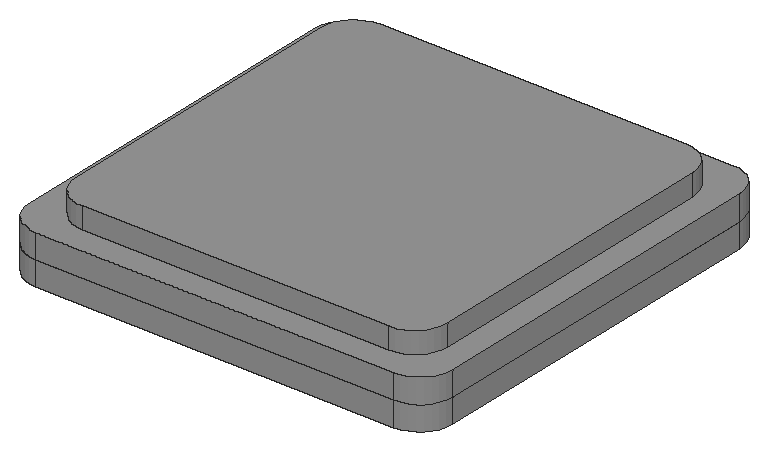
Revit family "FMS2_63_UN_Surface-mounted_ETK", category Lighting Fixtures, Revit 2019 (continued)
Definition of nested family "FMS.2 - Lightsource"
  Types (14, lengths in mm): name | Wattage Comments | Wattage | built-in parameter 1150134 | Photometric Web File | built-in parameter 1150142 | built-in parameter 1150105 | Lumens | built-in parameter 1150107 | built-in parameter 1150106 | Apparent Load
    FMS.1410.10N - Ø400 / 38W / 2800lm / 4000K | "38W" | 18.8499 W | 12 | "FMS.1410.10N.IES" | "IESNA:LM-63-2002\r\n[TEST] /2015\r\n[TESTLAB] ies2eulumdat.appspot.com\r\n[ISSUEDATE] 2021-10-05T13:47:58.925\r\n[MANUFAC] www.etk.nl\r\n[LUMCAT] FMS.1410.10N\r\n[LUMINAIRE] FMS.1 LED 38W 4000K 2800lm nood ø400 Ledesh Slice circle IV emergency\r\n[LAMPCAT] LED\r\n[LAMP] LED\r\nTILT=NONE\r\n1\t2862\t1\t181\t72\t1\t2\t-0.400\t-0.400\t0\r\n1.0\t1.0\t15.60\r\n0\t 0.5\t 1\t 1.5\t 2\t 2.5\t 3\t 3.5\t 4\t 4.5\r\n5\t 5.5\t 6\t 6.5\t 7\t 7.5\t 8\t 8.5\t 9\t 9.5\r\n10\t 10.5\t 11\t 11.5\t 12\t 12.5\t 13\t 13.5\t 14\t 14.5\r\n15\t 15.5\t 16\t 16.5\t 17\t 17.5\t 18\t 18.5\t 19\t 19.5\r\n20\t 20.5\t 21\t 21.5\t 22\t 22.5\t 23\t 23.5\t 24\t 24.5\r\n25\t 25.5\t 26\t 26.5\t 27\t 27.5\t 28\t 28.5\t 29\t 29.5\r\n30\t 30.5\t 31\t 31.5\t 32\t 32.5\t 33\t 33.5\t 34\t 34.5\r\n35\t 35.5\t 36\t 36.5\t 37\t 37.5\t 38\t 38.5\t 39\t 39.5\r\n40\t 40.5\t 41\t 41.5\t 42\t 42.5\t 43\t 43.5\t 44\t 44.5\r\n45\t 45.5\t 46\t 46.5\t 47\t 47.5\t 48\t 48.5\t 49\t 49.5\r\n50\t 50.5\t 51\t 51.5\t 52\t 52.5\t 53\t 53.5\t 54\t 54.5\r\n55\t 55.5\t 56\t 56.5\t 57\t 57.5\t 58\t 58.5\t 59\t 59.5\r\n60\t 60.5\t 61\t 61.5\t 62\t 62.5\t 63\t 63.5\t 64\t 64.5\r\n65\t 65.5\t 66\t 66.5\t 67\t 67.5\t 68\t 68.5\t 69\t 69.5\r\n70\t 70.5\t 71\t 71.5\t 72\t 72.5\t 73\t 73.5\t 74\t 74.5\r\n75\t 75.5\t 76\t 76.5\t 77\t 77.5\t 78\t 78.5\t 79\t 79.5\r\n80\t 80.5\t 81\t 81.5\t 82\t 82.5\t 83\t 83.5\t 84\t 84.5\r\n85\t 85.5\t 86\t 86.5\t 87\t 87.5\t 88\t 88.5\t 89\t 89.5\r\n90\r\n0\t 5\t 10\t 15\t 20\t 25\t 30\t 35\t 40\t 45\r\n50\t 55\t 60\t 65\t 70\t 75\t 80\t 85\t 90\t 95\r\n100\t 105\t 110\t 115\t 120\t 125\t 130\t 135\t 140\t 145\r\n150\t 155\t 160\t 165\t 170\t 175\t 180\t 185\t 190\t 195\r\n200\t 205\t 210\t 215\t 220\t 225\t 230\t 235\t 240\t 245\r\n250\t 255\t 260\t 265\t 270\t 275\t 280\t 285\t 290\t 295\r\n300\t 305\t 310\t 315\t 320\t 325\t 330\t 335\t 340\t 345\r\n350\t 355\r\n985.1004\t984.2418\t983.3832\t983.6694\t983.6694\t983.6694\t983.6694\t983.097\t982.2384\t981.3798\r\n980.5212\t979.9488\t979.3764\t978.2316\t976.8006\t975.6558\t974.511\t972.7938\t971.0766\t969.6456\r\n968.2146\t966.2112\t964.2078\t962.4906\t960.4872\t958.4838\t956.4804\t954.477\t952.4736\t950.184\r\n947.8944\t945.0324\t942.4566\t939.5946\t936.7326\t933.8706\t930.7224\t927.288\t923.8536\t920.9916\r\n918.4158\t914.6952\t910.9746\t907.254\t903.5334\t899.8128\t896.0922\t891.7992\t887.5062\t883.4994\r\n879.2064\t875.1996\t870.9066\t866.8998\t862.6068\t857.7414\t853.1622\t848.0106\t842.859\t837.9936\r\n833.1282\t828.549\t823.9698\t819.1044\t813.9528\t808.515\t803.0772\t797.9256\t792.774\t787.05\r\n781.326\t775.602\t770.1642\t764.154\t758.1438\t752.706\t746.982\t740.9718\t734.9616\t728.6652\r\n722.655\t716.6448\t710.6346\t704.3382\t698.328\t692.0316\t685.7352\t678.8664\t672.2838\t665.415\r\n658.5462\t651.9636\t645.381\t638.7984\t632.502\t625.347\t618.192\t611.3232\t604.1682\t597.5856\r\n590.7168\t583.5618\t576.4068\t568.9656\t561.5244\t554.3694\t546.9282\t539.487\t532.0458\t524.6046\r\n517.1634\t510.0084\t502.5672\t495.126\t487.6848\t480.2436\t472.8024\t465.075\t457.0614\t449.334\r\n441.3204\t433.8792\t426.1518\t418.1382\t410.1246\t402.3972\t394.3836\t386.37\t378.3564\t370.629\r\n362.6154\t354.6018\t346.5882\t338.5746\t330.8472\t322.5474\t314.5338\t306.8064\t298.7928\t291.0654\r\n283.0804\t275.0096\t266.9387\t258.9824\t251.0546\t243.3272\t235.6285\t227.8152\t220.0019\t212.4176\r\n204.8333\t197.3349\t189.8651\t182.5384\t175.2116\t167.8563\t160.5296\t153.6608\t146.792\t139.9232\r\n133.0544\t126.4432\t119.8319\t113.4783\t107.1247\t100.9427\t94.7608\t88.9223\t83.0552\t77.3885\r\n71.7503\t66.4556\t61.1609\t56.5245\t51.8594\t47.223\t42.5866\t39.8677\t37.1488\t36.4046\r\n35.6319\r\n985.1004\t984.2418\t983.3832\t983.3832\t983.3832\t983.3832\t983.3832\t982.5246\t981.666\t980.8074\r\n979.9488\t979.3764\t978.804\t977.373\t975.942\t974.7972\t973.6524\t971.9352\t970.218\t968.5008\r\n967.0698\t965.0664\t963.3492\t961.3458\t959.3424\t957.0528\t955.0494\t953.046\t951.0426\t948.753\r\n946.4634\t943.6014\t940.7394\t937.8774\t935.0154\t931.8672\t928.719\t925.5708\t922.1364\t918.9882\r\n916.1262\t912.6918\t908.9712\t905.2506\t901.53\t897.8094\t893.8026\t889.5096\t885.5028\t881.2098\r\n877.203\t872.91\t868.617\t864.324\t860.031\t855.4518\t850.8726\t846.0072\t840.8556\t835.9902\r\n831.1248\t826.5456\t821.6802\t816.8148\t811.6632\t806.5116\t801.0738\t795.636\t790.4844\t785.0466\r\n779.3226\t773.5986\t768.1608\t762.4368\t756.7128\t750.7026\t744.9786\t738.9684\t732.9582\t726.948\r\n720.9378\t714.6414\t708.6312\t702.621\t696.6108\t690.3144\t684.018\t677.4354\t670.8528\t664.2702\r\n657.4014\t650.8188\t644.2362\t637.6536\t631.071\t624.4884\t617.3334\t610.4646\t603.5958\t596.727\r\n589.8582\t582.9894\t575.8344\t568.6794\t561.5244\t554.3694\t546.9282\t539.7732\t532.332\t524.8908\r\n517.4496\t510.2946\t503.1396\t495.9846\t488.2572\t480.5298\t472.8024\t465.3612\t457.6338\t450.1926\r\n442.4652\t434.7378\t427.0104\t419.283\t411.2694\t403.542\t395.8146\t388.0872\t380.0736\t372.06\r\n364.0464\t356.0328\t347.733\t339.7194\t331.4196\t323.406\t315.1062\t307.0926\t299.079\t291.0654\r\n283.0232\t275.0668\t267.0818\t259.0682\t251.1977\t243.4417\t235.6571\t227.8724\t220.2023\t212.6466\r\n205.1768\t197.7928\t190.4089\t183.0249\t175.4978\t168.3142\t161.1878\t154.0615\t146.9923\t140.238\r\n133.684\t127.2731\t120.9767\t114.6803\t107.6971\t100.5134\t92.9864\t85.1445\t76.9592\t68.4018\r\n60.1306\t52.4318\t45.5058\t39.8677\t35.0595\t31.7968\t29.0779\t26.4964\t24.0866\t3.3772\r\n0\r\n985.1004\t984.2418\t983.097\t983.097\t983.097\t983.097\t983.097\t982.2384\t981.3798\t980.235\r\n979.3764\t978.804\t977.9454\t976.8006\t975.3696\t973.9386\t972.7938\t971.0766\t969.3594\t967.6422\r\n966.2112\t964.494\t962.4906\t960.4872\t958.4838\t956.1942\t954.1908\t951.9012\t949.8978\t947.6082\r\n945.3186\t942.7428\t939.8808\t937.0188\t933.8706\t931.0086\t927.8604\t924.7122\t921.2778\t918.1296\r\n914.9814\t911.8332\t908.1126\t904.392\t900.6714\t897.237\t893.2302\t889.2234\t884.9304\t880.9236\r\n876.6306\t872.3376\t868.3308\t864.0378\t859.4586\t855.1656\t850.5864\t846.0072\t841.1418\t836.5626\r\n831.6972\t826.8318\t821.9664\t817.101\t812.2356\t807.3702\t801.9324\t796.4946\t791.343\t786.1914\r\n780.7536\t775.3158\t769.5918\t764.154\t758.7162\t752.9922\t747.2682\t741.258\t735.2478\t729.2376\r\n723.2274\t717.2172\t711.4932\t705.1968\t699.4728\t693.4626\t687.4524\t681.156\t674.8596\t668.5632\r\n662.2668\t655.398\t648.5292\t641.6604\t634.5054\t627.6366\t620.7678\t613.6128\t606.4578\t599.3028\r\n591.8616\t584.9928\t577.8378\t570.3966\t563.2416\t555.8004\t548.3592\t540.918\t533.4768\t525.7494\r\n518.3082\t510.5808\t503.1396\t495.4122\t487.971\t480.5298\t472.8024\t465.075\t457.3476\t449.6202\r\n441.8928\t434.1654\t426.438\t418.4244\t410.697\t402.9696\t395.5284\t387.801\t380.3598\t372.3462\r\n364.3326\t356.0328\t347.733\t339.7194\t331.4196\t323.406\t315.3924\t307.3788\t299.3652\t291.6378\r\n283.6242\t275.8109\t268.1122\t260.4706\t252.9436\t245.4451\t237.9753\t230.2479\t222.2629\t214.4497\r\n206.6936\t198.9949\t191.3819\t183.8835\t176.5282\t169.2873\t162.3326\t155.378\t148.2802\t141.2969\r\n134.4854\t127.7883\t121.1198\t114.5086\t106.9816\t98.9393\t90.983\t83.1983\t75.614\t68.5449\r\n62.134\t55.9521\t50.085\t44.7331\t40.4687\t36.376\t32.4265\t21.7541\t4.4819\t0\r\n0\r\n985.1004\t983.9556\t983.097\t983.097\t983.097\t982.8108\t982.5246\t981.9522\t980.8074\t979.9488\r\n979.0902\t978.2316\t977.373\t976.2282\t974.7972\t973.3662\t972.2214\t970.7904\t968.787\t967.0698\r\n965.6388\t963.9216\t961.9182\t959.9148\t957.9114\t955.908\t953.6184\t951.3288\t949.3254\t947.0358\r\n944.7462\t942.4566\t939.5946\t936.7326\t933.5844\t930.7224\t927.5742\t924.426\t921.2778\t918.1296\r\n914.9814\t911.8332\t908.3988\t904.6782\t901.2438\t897.8094\t894.0888\t890.082\t886.0752\t881.7822\r\n877.7754\t873.7686\t869.4756\t865.4688\t861.1758\t856.5966\t852.3036\t847.7244\t843.4314\t838.8522\r\n834.273\t829.6938\t824.8284\t819.963\t815.3838\t810.5184\t805.653\t800.5014\t795.0636\t789.6258\r\n783.9018\t778.464\t772.4538\t766.7298\t760.7196\t754.9956\t748.9854\t742.9752\t736.3926\t730.0962\r\n723.7998\t717.2172\t710.9208\t704.6244\t698.328\t692.0316\t685.7352\t679.4388\t672.8562\t666.2736\r\n659.691\t652.8222\t646.2396\t639.3708\t632.7882\t625.9194\t619.0506\t612.1818\t605.313\t598.4442\r\n591.8616\t584.7066\t577.8378\t570.6828\t563.814\t556.659\t549.504\t542.0628\t534.9078\t527.7528\r\n520.3116\t512.8704\t505.143\t497.1294\t489.402\t481.3884\t473.661\t466.2198\t458.4924\t450.765\r\n443.0376\t435.3102\t427.2966\t419.5692\t411.8418\t404.1144\t396.387\t388.6596\t381.2184\t373.491\r\n366.0498\t358.3224\t350.3088\t342.009\t333.9954\t325.6956\t317.3958\t309.096\t301.0824\t293.0688\r\n285.0552\t277.1275\t269.3142\t261.6154\t253.9739\t246.3896\t238.6336\t230.62\t222.8067\t215.1365\r\n207.5522\t200.0824\t192.6985\t185.429\t178.2454\t171.2048\t164.0785\t156.9521\t149.9974\t143.1286\r\n136.4315\t129.7917\t123.295\t116.8555\t110.0439\t103.1751\t96.3349\t89.552\t82.7977\t76.072\r\n69.9759\t64.166\t58.4707\t52.9184\t47.452\t39.5528\t23.0963\t6.6627\t0\t0\r\n0\r\n985.1004\t983.9556\t983.097\t982.8108\t982.8108\t982.5246\t982.2384\t981.666\t980.5212\t979.6626\r\n978.5178\t977.6592\t976.8006\t975.942\t974.511\t973.08\t971.649\t970.5042\t968.5008\t966.7836\r\n965.0664\t963.6354\t961.632\t959.9148\t957.9114\t955.908\t953.6184\t951.3288\t949.3254\t947.0358\r\n944.7462\t942.4566\t940.167\t937.305\t934.443\t931.2948\t928.1466\t925.2846\t922.1364\t918.9882\r\n916.1262\t912.978\t909.5436\t906.1092\t902.6748\t899.2404\t895.806\t892.6578\t888.651\t884.358\r\n880.6374\t876.6306\t872.6238\t868.3308\t864.324\t860.031\t855.1656\t850.014\t844.8624\t839.997\r\n835.1316\t830.2662\t825.1146\t819.6768\t814.5252\t809.0874\t803.9358\t798.498\t793.0602\t787.3362\r\n781.6122\t775.8882\t770.4504\t764.7264\t759.0024\t753.2784\t747.2682\t741.5442\t735.534\t729.81\r\n723.7998\t717.5034\t711.4932\t705.1968\t698.9004\t692.604\t686.3076\t680.2974\t674.2872\t667.9908\r\n661.6944\t655.1118\t648.5292\t641.9466\t635.364\t628.4952\t621.3402\t614.1852\t607.0302\t599.8752\r\n592.7202\t585.5652\t578.4102\t571.2552\t564.1002\t556.9452\t549.504\t542.0628\t534.6216\t527.4666\r\n520.0254\t512.5842\t505.4292\t498.2742\t490.833\t483.678\t476.2368\t469.0818\t461.6406\t454.1994\r\n445.8996\t437.5998\t429.8724\t421.8588\t414.1314\t405.8316\t397.5318\t389.5182\t381.5046\t373.7772\r\n365.7636\t357.75\t350.0226\t342.2952\t334.5678\t326.8404\t318.8268\t310.8132\t302.5134\t294.4998\r\n286.4862\t278.6157\t270.7452\t262.9606\t255.2332\t247.563\t240.0073\t232.5947\t225.2394\t217.4834\r\n209.8132\t202.2003\t194.7019\t187.2893\t180.0198\t172.8076\t165.7098\t158.7265\t151.915\t145.2751\r\n138.6925\t132.2244\t125.7849\t119.4313\t113.1349\t106.9243\t100.7996\t94.7322\t88.6361\t82.5973\r\n76.6157\t70.6628\t64.7671\t58.9286\t43.1876\t26.3733\t9.5934\t0\t0\t0\r\n0\r\n985.1004\t983.9556\t983.097\t982.8108\t982.5246\t982.2384\t981.9522\t981.3798\t980.235\t979.3764\r\n978.2316\t977.373\t976.5144\t975.3696\t974.2248\t972.7938\t971.3628\t970.218\t968.5008\t966.7836\r\n965.0664\t963.3492\t961.632\t959.9148\t958.1976\t956.1942\t954.1908\t951.9012\t949.6116\t947.6082\r\n945.3186\t943.029\t940.7394\t938.4498\t935.5878\t932.7258\t929.8638\t926.7156\t923.8536\t920.7054\r\n917.8434\t914.9814\t911.8332\t908.685\t905.2506\t901.8162\t897.8094\t893.8026\t889.7958\t885.789\r\n880.9236\t876.3444\t871.7652\t867.186\t862.6068\t857.7414\t853.1622\t848.2968\t843.7176\t838.566\r\n833.7006\t828.549\t823.6836\t818.8182\t813.6666\t808.8012\t803.3634\t797.9256\t792.774\t787.6224\r\n782.1846\t776.7468\t771.0228\t765.585\t760.4334\t754.7094\t748.9854\t743.2614\t737.5374\t732.0996\r\n726.3756\t720.6516\t714.3552\t707.7726\t701.4762\t694.8936\t688.311\t681.4422\t674.8596\t667.9908\r\n661.4082\t654.8256\t648.243\t641.6604\t634.7916\t628.209\t621.054\t614.1852\t607.6026\t600.7338\r\n593.865\t586.9962\t580.1274\t573.2586\t566.3898\t559.521\t552.9384\t546.3558\t539.2008\t531.1872\r\n523.1736\t515.4462\t507.4326\t499.7052\t491.6916\t483.678\t475.9506\t468.2232\t460.782\t453.0546\r\n445.3272\t437.886\t430.1586\t422.4312\t414.7038\t406.9764\t399.5352\t391.5216\t383.508\t375.4944\r\n367.4808\t359.4672\t351.4536\t343.44\t335.4264\t327.4128\t319.6854\t311.958\t304.2306\t296.5032\r\n288.7758\t281.2487\t273.1493\t265.1357\t257.2079\t249.3661\t241.61\t233.9685\t226.3842\t218.8571\r\n211.3587\t203.9175\t196.5622\t189.2927\t182.1663\t175.1258\t168.1425\t161.2165\t154.4049\t147.622\r\n140.9249\t134.3137\t127.7597\t121.4633\t115.4531\t109.5001\t103.5758\t97.7087\t91.8702\t86.0603\r\n80.2791\t74.5551\t63.0785\t46.3358\t29.5931\t12.8275\t0\t0\t0\t0\r\n0\r\n985.1004\t983.9556\t983.097\t982.5246\t982.2384\t981.9522\t981.666\t981.0936\t980.235\t979.0902\r\n978.2316\t977.0868\t976.2282\t975.0834\t973.9386\t972.7938\t971.3628\t969.9318\t968.5008\t967.0698\r\n965.3526\t963.6354\t961.9182\t960.201\t958.4838\t956.7666\t954.7632\t952.7598\t950.7564\t948.4668\r\n946.1772\t944.1738\t941.8842\t939.5946\t937.305\t935.0154\t932.1534\t929.2914\t926.4294\t923.2812\r\n919.2744\t915.5538\t911.8332\t908.1126\t904.392\t900.3852\t896.3784\t892.0854\t887.7924\t883.4994\r\n879.4926\t875.4858\t870.9066\t866.3274\t861.7482\t857.4552\t852.876\t848.2968\t843.4314\t838.8522\r\n834.273\t829.6938\t824.8284\t819.6768\t814.8114\t809.6598\t804.7944\t799.929\t795.3498\t789.912\r\n784.4742\t779.3226\t774.4572\t768.7332\t762.4368\t756.1404\t750.1302\t744.12\t738.1098\t731.8134\r\n725.517\t719.2206\t712.9242\t706.6278\t700.3314\t694.3212\t688.0248\t681.7284\t675.1458\t668.8494\r\n662.553\t656.2566\t649.9602\t643.6638\t637.3674\t630.7848\t624.4884\t617.9058\t611.6094\t604.4544\r\n597.0132\t589.572\t582.1308\t574.6896\t567.2484\t559.8072\t552.0798\t544.6386\t537.1974\t529.7562\r\n522.315\t514.8738\t507.4326\t499.9914\t492.8364\t485.3952\t477.954\t470.5128\t463.0716\t455.3442\r\n447.3306\t439.317\t431.3034\t423.2898\t415.2762\t407.5488\t399.8214\t392.094\t384.3666\t376.6392\r\n368.9118\t361.1844\t353.457\t345.7296\t338.2884\t330.2748\t322.2612\t314.2476\t306.234\t298.2204\r\n290.2068\t282.136\t274.2368\t266.4522\t258.7248\t251.0546\t243.4131\t235.8002\t228.3017\t220.8892\r\n213.5338\t206.2357\t198.9662\t191.7254\t184.5704\t177.444\t170.3749\t163.363\t156.4083\t149.4823\r\n142.8997\t136.5746\t130.2782\t124.0105\t117.7999\t111.6466\t105.4933\t99.3973\t93.3298\t87.2624\r\n80.4508\t64.3378\t48.2247\t32.1116\t15.9757\t0\t0\t0\t0\t0\r\n0\r\n985.1004\t983.9556\t982.8108\t982.2384\t981.9522\t981.666\t981.3798\t980.8074\t979.9488\t979.0902\r\n977.9454\t977.0868\t975.942\t974.7972\t973.9386\t972.7938\t971.3628\t969.9318\t968.787\t967.356\r\n965.925\t963.9216\t962.2044\t960.7734\t959.0562\t957.339\t955.6218\t953.9046\t951.9012\t950.184\r\n947.8944\t945.891\t943.6014\t941.3118\t939.3084\t936.1602\t933.012\t929.5776\t925.857\t922.1364\r\n918.4158\t914.409\t910.6884\t906.9678\t902.961\t899.2404\t895.5198\t891.7992\t887.5062\t883.4994\r\n879.2064\t874.9134\t870.6204\t866.3274\t862.3206\t858.0276\t853.7346\t849.4416\t845.1486\t840.5694\r\n836.2764\t831.6972\t827.118\t822.5388\t817.9596\t813.3804\t807.6564\t801.9324\t795.9222\t790.1982\r\n784.188\t778.7502\t773.0262\t767.3022\t761.292\t755.2818\t749.5578\t743.8338\t738.1098\t732.0996\r\n726.0894\t720.0792\t714.069\t708.345\t702.3348\t696.3246\t690.3144\t684.3042\t678.0078\t671.9976\r\n665.9874\t659.4048\t652.2498\t645.0948\t637.9398\t631.071\t623.916\t616.761\t609.8922\t602.7372\r\n595.5822\t588.7134\t581.5584\t574.4034\t567.2484\t560.0934\t552.9384\t545.7834\t538.9146\t531.7596\r\n524.8908\t517.7358\t510.2946\t502.281\t494.5536\t486.8262\t479.0988\t471.3714\t463.644\t455.9166\r\n448.1892\t440.4618\t432.7344\t425.007\t417.5658\t409.8384\t402.3972\t394.956\t387.5148\t379.7874\r\n371.4876\t363.474\t355.1742\t347.1606\t339.147\t331.1334\t323.1198\t315.1062\t307.3788\t299.6514\r\n291.6378\t284.0249\t276.3261\t268.6273\t260.9858\t253.4015\t245.8458\t238.3474\t230.8775\t223.4077\r\n215.9665\t208.5826\t201.2272\t193.9005\t186.6024\t179.3902\t172.2065\t165.395\t158.7838\t152.2298\r\n145.7044\t139.1791\t132.7109\t126.2428\t119.8033\t113.3924\t107.0102\t100.6565\t94.3315\t82.8263\r\n67.0567\t51.3157\t35.546\t19.7793\t4.0125\t0\t0\t0\t0\t0\r\n0\r\n985.1004\t983.9556\t982.8108\t982.2384\t981.9522\t981.3798\t981.0936\t980.5212\t979.9488\t978.804\r\n977.9454\t976.8006\t975.942\t974.7972\t973.6524\t972.7938\t971.3628\t970.218\t968.787\t967.6422\r\n966.2112\t964.7802\t963.063\t961.632\t959.9148\t958.1976\t956.7666\t955.0494\t953.3322\t951.9012\r\n949.8978\t947.6082\t944.46\t941.0256\t937.8774\t934.7292\t931.2948\t928.1466\t924.7122\t921.564\r\n918.1296\t914.409\t910.6884\t906.6816\t902.961\t899.2404\t895.5198\t891.7992\t888.0786\t884.0718\r\n880.3512\t876.3444\t872.3376\t868.617\t864.0378\t859.7448\t855.4518\t851.1588\t846.8658\t842.859\r\n837.7074\t832.5558\t827.4042\t822.2526\t816.8148\t811.377\t806.2254\t800.7876\t795.3498\t789.912\r\n784.4742\t778.7502\t773.3124\t767.5884\t761.8644\t756.1404\t750.7026\t744.9786\t739.5408\t733.8168\r\n728.379\t722.9412\t717.2172\t711.7794\t705.7692\t698.9004\t692.0316\t685.1628\t678.5802\t671.7114\r\n664.8426\t658.26\t651.3912\t644.5224\t637.9398\t631.071\t624.2022\t617.3334\t610.4646\t603.5958\r\n596.727\t589.8582\t582.9894\t576.1206\t569.538\t562.6692\t555.228\t547.5006\t540.0594\t532.332\r\n524.8908\t517.4496\t510.0084\t502.5672\t495.126\t487.3986\t479.9574\t472.5162\t465.075\t457.6338\r\n450.1926\t443.0376\t435.5964\t428.1552\t420.1416\t412.128\t404.1144\t396.1008\t388.3734\t380.3598\r\n372.3462\t364.3326\t356.319\t348.5916\t340.578\t332.8506\t325.1232\t317.3958\t309.6684\t301.941\r\n294.2136\t286.2\t278.5585\t270.8311\t263.1895\t255.548\t247.9637\t240.3794\t232.8523\t225.3539\r\n217.9127\t210.4715\t203.0875\t195.7322\t188.5486\t181.7084\t174.8682\t168.0853\t161.3309\t154.5766\r\n147.8795\t141.1825\t134.514\t127.8455\t121.2343\t114.6231\t108.0405\t101.4579\t86.5183\t70.949\r\n55.4083\t39.8677\t24.3012\t8.7491\t0\t0\t0\t0\t0\t0\r\n0\r\n985.1004\t983.9556\t982.8108\t981.9522\t981.666\t981.
